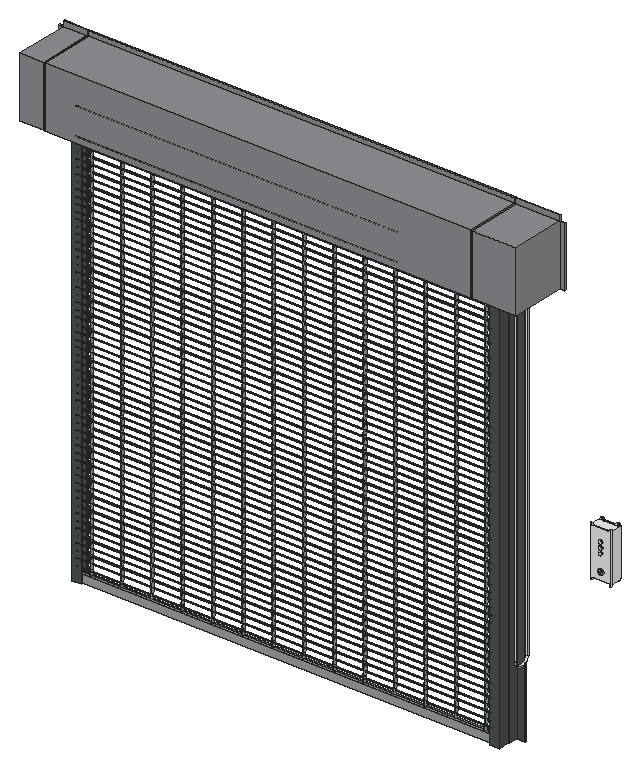
Revit family "EverServe-Springless-Security-Grilles_OHD_Model-671S_compact", category Specialty Equipment, host Wall, Revit 2023 (continued)
Definition of nested family "Warning Sign"
  Lines and regions (in)
    model lines
      curve 32: arc (2.29479, -0.5, 8.63537) -> (0, -0.5, 10.93016) -> (-2.29479, -0.5, 8.63537) r 2.29479
      curve 33: arc (-1.6331, -0.5, 13.97069) -> (0.03439, -0.5, 12.53727) -> (1.69278, -0.5, 13.98121) r 1.68043
      curve 34: line (-3.77413, -0.5, 28.37873) -> (-1.6331, -0.5, 13.97069)
      curve 35: line (1.69278, -0.5, 13.98121) -> (3.73924, -0.5, 28.37873)
      curve 36: arc (3.73924, -0.5, 28.37873) -> (-0.01745, -0.5, 32.13541) -> (-3.77413, -0.5, 28.37873) r 3.75668
  Dimensions and locks (in)
    locked: plane 1 "Center (Front/Back)" to plane 4 at 0.5
    equal spacing: plane 1 "Center (Front/Back)", plane 7, plane 4
    locked: plane 4 to plane 6 at 0.5
    locked: plane 5 to plane 1 "Center (Front/Back)" at 0.5
    aligned and locked: plane 2 to level
  Automatic sketch dimensions
    curve 21 to curve 22 = 0"  (x2)
    curve 25 to curve 26 = 0"  (x2)
    curve 29 to curve 30 = 0"  (x2)
    curve 31 to curve 32 = 0"  (x2)
    curve 21 to plane 3 "Center (Left/Right)" = 0"
    curve 31 to plane 3 "Center (Left/Right)" = 0"
    curve 30 to level = 0"
    level to curve 27 = 1.30556"
    curve 26 to curve 27 = 1.30556"
    curve 29 to curve 27 = 1.30556"
    curve 23 to curve 25 = 0.65278"
    curve 20 to curve 29 = 0.65278"
    curve 24 to curve 23 = 0.65278"
    curve 19 to curve 20 = 0.65278"
    level to curve 32 = 8.63537"
    curve 34 to plane 3 "Center (Left/Right)" = 1.6331"
    curve 34 to curve 31 = 5.33532"
    plane 3 "Center (Left/Right)" to curve 35 = 1.69278"
    curve 35 to curve 34 = 0.01052"
    plane 3 "Center (Left/Right)" to curve 33 = 0.02908"
    curve 36 to plane 3 "Center (Left/Right)" = 0.01745"
    curve 36 to curve 33 = 14.16104"
    curve 22 to curve 36 = 16.01016"
    plane 3 "Center (Left/Right)" to curve 23 = 1.13064"
    curve 23 to curve 21 = 0.65278"
    curve 20 to plane 3 "Center (Left/Right)" = 1.13064"
    plane 3 "Center (Left/Right)" to curve 24 = 2.26129"
    curve 24 to curve 22 = 0.65278"
    curve 19 to plane 3 "Center (Left/Right)" = 2.26129"
    curve 34 to curve 36 = 3.75668"
    curve 30 to plane 3 "Center (Left/Right)" = 24.12041"
    plane 3 "Center (Left/Right)" to curve 25 = 24.12041"
    curve 31 to curve 31 = 2.29479"
    curve 3 to curve 4 = 0"  (x2)
    curve 7 to curve 8 = 0"  (x2)
    curve 11 to curve 12 = 0"  (x2)
    curve 13 to curve 14 = 0"  (x2)
    curve 3 to plane 3 "Center (Left/Right)" = 0"
    curve 13 to plane 3 "Center (Left/Right)" = 0"
    curve 12 to level = 0"
    level to curve 9 = 1.30556"
    curve 8 to curve 9 = 1.30556"
    curve 11 to curve 9 = 1.30556"
    curve 5 to curve 7 = 0.65278"
    curve 2 to curve 11 = 0.65278"
    curve 6 to curve 5 = 0.65278"
    curve 1 to curve 2 = 0.65278"
    level to curve 14 = 8.63537"
    curve 16 to plane 3 "Center (Left/Right)" = 1.6331"
    curve 16 to curve 13 = 5.33532"
    plane 3 "Center (Left/Right)" to curve 17 = 1.69278"
    curve 17 to curve 16 = 0.01052"
    plane 3 "Center (Left/Right)" to curve 15 = 0.02908"
    curve 18 to plane 3 "Center (Left/Right)" = 0.01745"
    curve 18 to curve 15 = 14.16104"
    curve 4 to curve 18 = 16.01016"
    plane 3 "Center (Left/Right)" to curve 5 = 1.13064"
    curve 5 to curve 3 = 0.65278"
    curve 2 to plane 3 "Center (Left/Right)" = 1.13064"
    plane 3 "Center (Left/Right)" to curve 6 = 2.26129"
    curve 6 to curve 4 = 0.65278"
    curve 1 to plane 3 "Center (Left/Right)" = 2.26129"
    curve 16 to curve 18 = 3.75668"
    curve 12 to plane 3 "Center (Left/Right)" = 24.12041"
    plane 3 "Center (Left/Right)" to curve 7 = 24.12041"
    curve 13 to curve 13 = 2.29479"
Types (6): name | Voltage | Number of Poles | Apparent Load Phase 3 | Apparent Load Phase 2 | Apparent Load Phase 1
  208 volts, one phase, 60 Hz (208-240V range) | 208 V | 1 | 0 VA | 0 VA | 4160 VA
  220 volts, one phase, 60 Hz (220-240V range) | 220 V | 1 | 0 VA | 0 VA | 4400 VA
  208 volts, three phase, 60 Hz (208-240V range) | 208 V | 3 | 2401.78 VA | 2401.78 VA | 2401.78 VA
  230 volts, three phase, 60 Hz (220-240V range) | 230 V | 3 | 2655.81 VA | 2655.81 VA | 2655.81 VA
  460 volts, three phase, 60 Hz (440-480 V range) | 460 V | 3 | 5311.62 VA | 5311.62 VA | 5311.62 VA
  575 volts, three phase, 60 Hz | 575 V | 3 | 6639.53 VA | 6639.53 VA | 6639.53 VA
